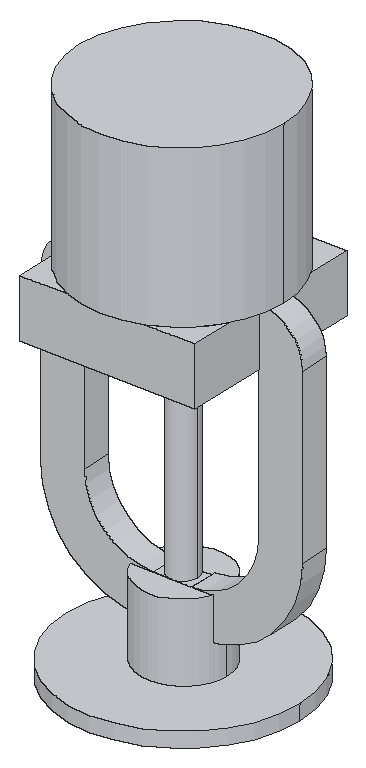
Revit family
Parameters (values of type "RASCO F1FR56 PENDENT")
  Temperature Rating = 286 °F
  Response = 1
  RASCO SIN # = "RA1414"
  RASCO Part # = "F1FR56P3B"
  Pressure Rating = "175 PSI"
  Pressure Class = (empty or 0)
  Orifice Size = 1/2"
  Orifice = (empty or 0)
  Model = "F1FR56"
  Manufacturer = "RASCO"
  K-Factor = 5.6
  Description = "Bronze Finish"
  Coverage = (empty or 0)
Reference planes (in)
  plane 1 "Center (Front/Back)": y = 0
  plane 2: z = 0
  plane 3 "Center (Left/Right)": x = 0
Dimensions and locks (in)
  aligned and locked: plane 2 to level
Nested families (in)
  nested 1: "F1FR56P3B" at (-0.0113, 0, 2.4375) x (-1, 0, 0) z (0, 0, -1), type "RASCO F1FR56 PENDENT"
Connectors (in)
  piping at (-0.0113, 0, 2.4375)
    settings: on nested 1, index 1, connector radius 115/256", flow factor 0, pipe flow 0 GPM, pressure drop 0.00 psi, fitting loss kfactor 0, connector angle 0.00°, fixture units 0, flow configuration 0, flow direction 0, fitting loss method 0, system type 7, connector reference index -1, connector utility 0, adjustable connector no, is connector primary yes, fitting loss table "", connector description ""
Definition of nested family "F1FR56P3B"
  Parameters (values of type "RASCO F1FR56 PENDENT")
    Type Comments = ""
    Temperature Rating = 0 °F
    Response = (empty or 0)
    Pressure Rating = "0"
    Pressure Class = (empty or 0)
    Orifice Size = 0"
    Orifice = (empty or 0)
    Model = ""
    Manufacturer = ""
    K-Factor = 0
    Description = ""
    Coverage = (empty or 0)
    Assembly Code = ""
  Reference planes (in)
    plane 1 "Center (Front/Back)": y = 0
    plane 2: z = 0
    plane 3 "ref.2": z = 0.6875
    plane 4 "ref.3": z = 0.9375
    plane 5: x = -0.38065
    plane 6: x = 0.36935
    plane 7 "ref. side 1": y = 0.06402
    plane 8 "ref. side 2": y = -0.06098
    plane 9 "ref.4": z = 1.875
    plane 10 "ref.5": z = 2.3125
    plane 11 "ref.6": z = 2.4375
  Forms (in)
    Extrusion 1, solid
      sketch origin (0, 0, 0) x (1, 0, 0) y (0, 1, 0)
        loop
          circle (0, 0) r 0.4379
      from 0 to 0.6875
    Extrusion 2, solid
      sketch origin (-0.12185, 0.05177, 0.6875) x (1, 0, 0) y (0, 1, 0)
        loop
          line (-0.2588, 0.356) -> (-0.2588, -0.4565) -> (0.4912, -0.4565) -> (0.4912, 0.356) -> (-0.2588, 0.356)
      from 0 to 0.25
    Extrusion 3, solid
      sketch origin (0, 0, 0) x (1, 0, 0) y (0, 0, 1)
        loop
          line (-0.38065, 0.68754) -> (-0.38065, 1.58397)
          arc (-0.38065, 1.58397) -> (-0.29541, 1.78976) -> (-0.08962, 1.875) r 0.29103
          line (-0.08962, 1.875) -> (0.07524, 1.875)
          arc (0.07524, 1.875) -> (0.28321, 1.78886) -> (0.36935, 1.58089) r 0.29411
          line (0.36935, 1.58089) -> (0.36935, 0.68751)
          arc (0.36935, 0.68751) -> (0.50207, 0.74393) -> (0.55685, 0.87734) r 0.18984
          line (0.55685, 0.87734) -> (0.55685, 1.61676)
          arc (0.55685, 1.61676) -> (0.42629, 1.93194) -> (0.11111, 2.0625) r 0.44574
          line (0.11111, 2.0625) -> (-0.12259, 2.0625)
          arc (-0.12259, 2.0625) -> (-0.43765, 1.932) -> (-0.56815, 1.61694) r 0.44556
          line (-0.56815, 1.61694) -> (-0.56815, 0.87876)
          arc (-0.56815, 0.87876) -> (-0.51345, 0.74486) -> (-0.38065, 0.68754) r 0.19126
      from -0.06402 to 0.06098
    Extrusion 4, solid
      sketch origin (0, 0, 0.9375) x (-1, 0, 0) y (0, -1, 0)
        loop
          circle (0.00574, -0.00152) r 0.0625
      from 0 to 0.9375
    Extrusion 5, solid
      sketch origin (0, 0, 1.875) x (-1, 0, 0) y (0, -1, 0)
        loop
          circle (0.00574, -0.00152) r 0.1875
      from 0 to 0.4375
    Extrusion 6, solid
      sketch origin (0, 0, 2.3125) x (0, -1, 0) y (1, 0, 0)
        loop
          circle (-0.00152, -0.00574) r 0.5
      from -0.10531 to -0.03987
  Cuts and joins
    joined: Extrusion 1, Extrusion 2, Extrusion 4
  Lines and regions (in)
    model lines
      curve 1: line (-0.00574, 0.06402, 1.875) -> (-0.00574, -0.06098, 1.875)
